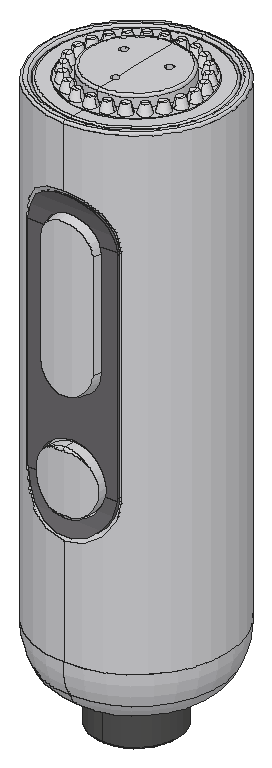
Revit family "Shower-Handshower-KOHLER-WAND-K-26288IN_1", category Plumbing Fixtures, host Face, Revit 2017
Family settings
  Host = Face
  Round Connector Dimension = Use Diameter
  Part Type = Normal
  OmniClass Number = 23.31.17.00
  OmniClass Title = Showers
  Cut with Voids When Loaded = No
  Shared = No
  Room Calculation Point = No
Parameters (values of type "2.5 GPM, CP-Polished Chrome")
  Width = 1 77/128"  # constant formula
  WaterSense Certified = 1 = 0  # no
  Waste Water Outlet = "Waste Water Outlet"  # constant formula
  Waste Connection = 1 = 0  # no
  Vent Connection = 1 = 0  # no
  URL = "https://www.kohler.co.in/"
  Type = 5
  Tempered Water Inlet = "Tempered Water Inlet"  # constant formula
  Product Page URL = ""
  Product Name = "WAND"  # constant formula
  Product Documentation Link = ""
  Pressure = 80.00 psi  # constant formula
  Panel Thickness = 0"
  Model = if(Type = 1, "K-26288IN-AF", if(Type = 2, "K-26288IN-BL", if(Type = 3, "K-26288IN-BN", if(Type = 4, "K-26288IN-BV", if(Type = 5, "K-26288IN-CP", if(Type = 6, "K-26288IN-RGD", "NA"))))))  # "K-26288IN-CP"
  Material = "Plastic"  # constant formula
  Master Format 2014 Name = "Residential Showers"  # constant formula
  Master Format 2014 = "22 42 23"  # constant formula
  Manufacturer Address = "Ambience Office Tower NH-8 Gurgaon / Gurugram Haryana , 122001"  # constant formula
  Manufacturer = "KOHLER Co."  # constant formula
  Length = 1 77/128"  # constant formula
  Hot Water Inlet = "Hot Water Inlet"  # constant formula
  Height = 5 49/256"  # constant formula
  HW Connection = 1 = 1  # yes
  Flow Rate = 2.5 GPM  # constant formula
  Finish = KOHLER-Plastic-CP-Polished_Chrome
  Environmental Product Declaration = ""
  Drain Included = 1 = 0  # no
  Description = "SWEEP HANDSHOWER HIGH FLOW"  # constant formula
  Default Elevation = 0"
  Declare Label = ""
  Date Modified = "03/08/2021"  # constant formula
  Date Created = "03/08/2021"  # constant formula
  Copyright = "Copyright KOHLER Co."  # constant formula
  Contact Us = "https://www.kohler.co.in/contact-us"
  Cold Water Inlet = "Cold Water Inlet"  # constant formula
  CW Connection = 1 = 0  # no
  Assembly Code = "D2010700"
  ADA Compliant = 1 = 0  # no
Types (7): name | Type | Model | Finish
  (no name) | 5 | "K-26288IN-CP" | KOHLER-Plastic-CP-Polished_Chrome
  2.5 GPM, CP-Polished Chrome | 5 | "K-26288IN-CP" | KOHLER-Plastic-CP-Polished_Chrome
  2.5 GPM, BL-Matte Black | 2 | "K-26288IN-BL" | Kohler-Plastic-BL-Matte_Black
  2.5 GPM, BN-Vibrant Brushed Nickel | 3 | "K-26288IN-BN" | KOHLER-Plastic-BN-Vibrant_Brushed_Nickel
  2.5 GPM, BV-Brushed Bronze | 4 | "K-26288IN-BV" | Kohler-Plastic-BV-Brushed_Bronze
  2.5 GPM, AF-Vibrant French Gold | 1 | "K-26288IN-AF" | KOHLER-Plastic-AF-Vibrant_French_Gold
  2.5 GPM, RGD-Polished Rose Gold | 6 | "K-26288IN-RGD" | KOHLER-Plastic-RGD-Polished_Rose_Gold
Reference planes (in)
  plane 1 "Center (Front/Back)": y = 0
  plane 2: z = 0
  plane 3 "Center (Left/Right)": x = 0
  plane 4: y = 0.8
  plane 5: y = -0.80156
  plane 6: y = 0.50081
  plane 7: x = 0.8
  plane 8: z = 5.19141
  plane 9: x = 0.8
  plane 10: y = -0.50081
  plane 11: x = -0.80156
Dimensions and locks (in)
  "Length": plane 4 to plane 5
  "Height": plane 8 to level
  "Width": plane 11 to plane 9
  aligned and locked: plane 2 to host face
  aligned and locked: level to host face
Automatic sketch dimensions
  host sketch curve to host sketch curve = 96"  (x2)
Nested families (in)
  nested 1: "K-26288IN" at (0, 0, 0), type "K-26288IN"
Connectors (in)
  piping at (0, 0, 0.03507), diameter 0.5, driven by "Flow Rate", driven by "Pressure", driven by "HW Connection", driven by "Tempered Water Inlet"
    settings: on nested 1, index 1, connector inside diameter 24", connector length 0", flow factor 0, pipe flow 2.5 GPM, pressure drop 80.00 psi, fitting loss kfactor 0, connector angle 0.00°, fixture units 0, engagement length 0", angle of deflection 0.00°, flow configuration 1, flow direction 1, fitting loss method 4, system type 19, joint type 0, gender type 0, connector reference index -1, connector utility 1, adjustable connector no, is connector primary yes, connector description "Tempered Water Inlet"
Definition of nested family "K-26288IN"
  Parameters (values of type "K-26288IN")
    Material = none
  Reference planes (in)
    plane 1 "Center (Front/Back)": y = 0
    plane 2: z = 0
    plane 3 "Center (Left/Right)": x = 0
    plane 4: x = 0.8
    plane 5: x = -0.8
    plane 6: z = 5.19
    plane 7: y = -0.8
    plane 8: y = 0.8
    plane 9: y = 0.50081
  Forms (in)
    Revolve 1, solid, material <- "Material", detail levels medium+fine
      sketch origin (0, 0, 0) x (0, 1, 0) y (0, 0, 1)
        loop
          line (0.8, 0.83787) -> (0.8, 5.08026)
          arc (0.8, 5.08026) -> (0.79422, 5.09422) -> (0.78026, 5.1) r 0.01974
          line (0.78026, 5.1) -> (0.74459, 5.1)
          arc (0.74459, 5.1) -> (0.72943, 5.09367) -> (0.72327, 5.07844) r 0.02132
          line (0.72327, 5.07844) -> (0.72436, 4.97986) -> (0.71661, 5.07201)
          arc (0.71661, 5.07201) -> (0.70968, 5.08615) -> (0.695, 5.09187) r 0.02169
          line (0.695, 5.09187) -> (0.58693, 5.09187) -> (0.58693, 5.04311) -> (0.57833, 5.09187) -> (0.42273, 5.09187) -> (0.42273, 5.16941)
          arc (0.42273, 5.16941) -> (0.4167, 5.18397) -> (0.40214, 5.19) r 0.02059
          line (0.40214, 5.19) -> (0, 5.19) -> (0, 0.34949) -> (0.41587, 0.34949)
          arc (0.41587, 0.34949) -> (0.60225, 0.40279) -> (0.73228, 0.54655) r 0.35256
          arc (0.73228, 0.54655) -> (0.78285, 0.68833) -> (0.8, 0.83787) r 0.66051
        axis (0, 5.19) -> (0, 0.34949)
      angle from 0 to 360
    Extrusion 2, void
      sketch origin (0, 0, 0) x (0, 1, 0) y (0, 0, 1)
        loop
          arc (-0.68057, 4.15) -> (-0.77954, 4.51638) -> (-1.04954, 4.78309) r 0.72762
          line (-1.04954, 4.78309) -> (-1.04954, 1.55883)
          arc (-1.04954, 1.55883) -> (-0.77951, 1.82633) -> (-0.68057, 2.19331) r 0.73
          line (-0.68057, 2.19331) -> (-0.68057, 4.15)
      from -1.01697 to 1.36659
    Sweep 3, solid, material <- "Material", detail levels medium+fine
      path origin (0, 0, 0) x (1, 0, 0) y (0, 0, 1)
        loop
          line (-0.22418, 4.088) -> (-0.22418, 3.15406)
          arc (-0.22418, 3.15406) -> (-0.0001, 2.92998) -> (0.22398, 3.15406) r 0.22408
          line (0.22398, 3.15406) -> (0.22398, 4.088)
          arc (0.22398, 4.088) -> (-0.0001, 4.31208) -> (-0.22418, 4.088) r 0.22408
      profile origin (-0.0001, 0, 2.92998) x (0, 0, 1) y (0, -1, 0)
        loop
          arc (-0.0257, 0.66438) -> (-0.0355, 0.58521) -> (-0.03158, 0.50554) r 0.4633
          line (-0.03158, 0.50554) -> (0.06852, 0.50554) -> (0.06852, 0.80581) -> (0.00436, 0.80581) -> (-0.0257, 0.66438)
    Revolve 4, solid, material <- "Material", detail levels medium+fine
      sketch origin (0, 0, 0) x (0, 1, 0) y (0, 0, 1)
        loop
          line (-0.58046, 2.24567) -> (-0.58046, 2.52117) -> (-0.77816, 2.52117)
          arc (-0.77816, 2.52117) -> (-0.7936, 2.51477) -> (-0.8, 2.49933) r 0.02184
          line (-0.8, 2.49933) -> (-0.8, 2.24567) -> (-0.58046, 2.24567)
        axis (-0.8, 2.24567) -> (-0.58046, 2.24567)
      angle from 0 to 360
    Extrusion 5, void
      sketch origin (0, 0, 0) x (1, 0, 0) y (0, 1, 0)
        loop
          line (-0.36241, -0.71321) -> (-0.36241, -0.94042) -> (0.38759, -0.94042) -> (0.38759, -0.69984)
          arc (0.38759, -0.69984) -> (0.01426, -0.79987) -> (-0.36241, -0.71321) r 0.8
      from 1.71068 to 4.43704
    Extrusion 6, solid, material <- "Material", detail levels medium+fine
      sketch origin (0, 0, 0) x (1, 0, 0) y (0, 0, 1)
        loop
          arc (0.15546, 4.088) -> (-0.0001, 4.24357) -> (-0.15566, 4.088) r 0.15556
          line (-0.15566, 4.088) -> (-0.15566, 3.15406)
          arc (-0.15566, 3.15406) -> (-0.0001, 2.9985) -> (0.15546, 3.15406) r 0.15556
          line (0.15546, 3.15406) -> (0.15546, 4.088)
      from 0.50554 to 0.80581
    Revolve 7, solid, detail levels medium+fine
      sketch origin (0, 0.50081, 48) x (-1, 0, 0) y (0, 0, 1)
        loop
          line (0, -42.82714) -> (0, -42.90429) -> (0.05512, -42.90429) -> (0.03363, -42.82714) -> (0, -42.82714)
        axis (0, -42.82714) -> (0, -42.90429)
      angle from 0 to 360
    Revolve 8, solid, detail levels medium+fine
      sketch origin (0.13352, 0.48374, 48) x (-0.965926, 0.258819, 0) y (0, 0, 1)
        loop
          line (0, -42.82714) -> (0, -42.90429) -> (0.05512, -42.90429) -> (0.03363, -42.82714) -> (0, -42.82714)
        axis (0, -42.82714) -> (0, -42.90429)
      angle from 0 to 360
    Revolve 9, solid, detail levels medium+fine
      sketch origin (0.25431, 0.43371, 48) x (-0.866025, 0.5, 0) y (0, 0, 1)
        loop
          line (0, -42.82714) -> (0, -42.90429) -> (0.05512, -42.90429) -> (0.03363, -42.82714) -> (0, -42.82714)
        axis (0, -42.82714) -> (0, -42.90429)
      angle from 0 to 360
    Revolve 10, solid, detail levels medium+fine
      sketch origin (0.36194, 0.35412, 48) x (-0.707107, 0.707107, 0) y (0, 0, 1)
        loop
          line (0, -42.82714) -> (0, -42.90429) -> (0.05512, -42.90429) -> (0.03363, -42.82714) -> (0, -42.82714)
        axis (0, -42.82714) -> (0, -42.90429)
      angle from 0 to 360
    Revolve 11, solid, detail levels medium+fine
      sketch origin (0.44152, 0.2504, 48) x (-0.5, 0.866025, 0) y (0, 0, 1)
        loop
          line (0, -42.82714) -> (0, -42.90429) -> (0.05512, -42.90429) -> (0.03363, -42.82714) -> (0, -42.82714)
        axis (0, -42.82714) -> (0, -42.90429)
      angle from 0 to 360
    Revolve 12, solid, detail levels medium+fine
      sketch origin (0.49546, 0.12962, 48) x (-0.258819, 0.965926, 0) y (0, 0, 1)
        loop
          line (0, -42.82714) -> (0, -42.90429) -> (0.05512, -42.90429) -> (0.03363, -42.82714) -> (0, -42.82714)
        axis (0, -42.82714) -> (0, -42.90429)
      angle from 0 to 360
    Revolve 13, solid, detail levels medium+fine
      sketch origin (0.51253, 0, 48) x (0, 1, 0) y (0, 0, 1)
        loop
          line (0, -42.82714) -> (0, -42.90429) -> (0.05512, -42.90429) -> (0.03363, -42.82714) -> (0, -42.82714)
        axis (0, -42.82714) -> (0, -42.90429)
      angle from 0 to 360
    Revolve 14, solid, detail levels medium+fine
      sketch origin (-0.13352, 0.48374, 48) x (0.965926, 0.258819, 0) y (0, 0, -1)
        loop
          line (0, 42.82714) -> (0.03363, 42.82714) -> (0.05512, 42.90429) -> (0, 42.90429) -> (0, 42.82714)
        axis (0, 42.82714) -> (0, 42.90429)
      angle from 0 to 360
    Revolve 15, solid, detail levels medium+fine
      sketch origin (-0.25431, 0.43371, 48) x (0.866025, 0.5, 0) y (0, 0, -1)
        loop
          line (0, 42.82714) -> (0.03363, 42.82714) -> (0.05512, 42.90429) -> (0, 42.90429) -> (0, 42.82714)
        axis (0, 42.82714) -> (0, 42.90429)
      angle from 0 to 360
    Revolve 16, solid, detail levels medium+fine
      sketch origin (-0.36194, 0.35412, 48) x (0.707107, 0.707107, 0) y (0, 0, -1)
        loop
          line (0, 42.82714) -> (0.03363, 42.82714) -> (0.05512, 42.90429) -> (0, 42.90429) -> (0, 42.82714)
        axis (0, 42.82714) -> (0, 42.90429)
      angle from 0 to 360
    Revolve 17, solid, detail levels medium+fine
      sketch origin (-0.44152, 0.2504, 48) x (0.5, 0.866025, 0) y (0, 0, -1)
        loop
          line (0, 42.82714) -> (0.03363, 42.82714) -> (0.05512, 42.90429) -> (0, 42.90429) -> (0, 42.82714)
        axis (0, 42.82714) -> (0, 42.90429)
      angle from 0 to 360
    Revolve 18, solid, detail levels medium+fine
      sketch origin (-0.49546, 0.12962, 48) x (0.258819, 0.965926, 0) y (0, 0, -1)
        loop
          line (0, 42.82714) -> (0.03363, 42.82714) -> (0.05512, 42.90429) -> (0, 42.90429) -> (0, 42.82714)
        axis (0, 42.82714) -> (0, 42.90429)
      angle from 0 to 360
    Revolve 19, solid, detail levels medium+fine
      sketch origin (0, -0.50081, 48) x (-1, 0, 0) y (0, 0, -1)
        loop
          line (0, 42.82714) -> (0.03363, 42.82714) -> (0.05512, 42.90429) -> (0, 42.90429) -> (0, 42.82714)
        axis (0, 42.82714) -> (0, 42.90429)
      angle from 0 to 360
    Revolve 20, solid, detail levels medium+fine
      sketch origin (0.13352, -0.48374, 48) x (-0.965926, -0.258819, 0) y (0, 0, -1)
        loop
          line (0, 42.82714) -> (0.03363, 42.82714) -> (0.05512, 42.90429) -> (0, 42.90429) -> (0, 42.82714)
        axis (0, 42.82714) -> (0, 42.90429)
      angle from 0 to 360
    Revolve 21, solid, detail levels medium+fine
      sketch origin (0.25431, -0.43371, 48) x (-0.866025, -0.5, 0) y (0, 0, -1)
        loop
          line (0, 42.82714) -> (0.03363, 42.82714) -> (0.05512, 42.90429) -> (0, 42.90429) -> (0, 42.82714)
        axis (0, 42.82714) -> (0, 42.90429)
      angle from 0 to 360
    Revolve 22, solid, detail levels medium+fine
      sketch origin (0.36194, -0.35412, 48) x (-0.707107, -0.707107, 0) y (0, 0, -1)
        loop
          line (0, 42.82714) -> (0.03363, 42.82714) -> (0.05512, 42.90429) -> (0, 42.90429) -> (0, 42.82714)
        axis (0, 42.82714) -> (0, 42.90429)
      angle from 0 to 360
    Revolve 23, solid, detail levels medium+fine
      sketch origin (0.44152, -0.2504, 48) x (-0.5, -0.866025, 0) y (0, 0, -1)
        loop
          line (0, 42.82714) -> (0.03363, 42.82714) -> (0.05512, 42.90429) -> (0, 42.90429) -> (0, 42.82714)
        axis (0, 42.82714) -> (0, 42.90429)
      angle from 0 to 360
    Revolve 24, solid, detail levels medium+fine
      sketch origin (0.49546, -0.12962, 48) x (-0.258819, -0.965926, 0) y (0, 0, -1)
        loop
          line (0, 42.82714) -> (0.03363, 42.82714) -> (0.05512, 42.90429) -> (0, 42.90429) -> (0, 42.82714)
        axis (0, 42.82714) -> (0, 42.90429)
      angle from 0 to 360
    Revolve 25, solid, detail levels medium+fine
      sketch origin (-0.13352, -0.48374, 48) x (0.965926, -0.258819, 0) y (0, 0, 1)
        loop
          line (0, -42.82714) -> (0, -42.90429) -> (0.05512, -42.90429) -> (0.03363, -42.82714) -> (0, -42.82714)
        axis (0, -42.82714) -> (0, -42.90429)
      angle from 0 to 360
    Revolve 26, solid, detail levels medium+fine
      sketch origin (-0.25431, -0.43371, 48) x (0.866025, -0.5, 0) y (0, 0, 1)
        loop
          line (0, -42.82714) -> (0, -42.90429) -> (0.05512, -42.90429) -> (0.03363, -42.82714) -> (0, -42.82714)
        axis (0, -42.82714) -> (0, -42.90429)
      angle from 0 to 360
    Revolve 27, solid, detail levels medium+fine
      sketch origin (-0.36194, -0.35412, 48) x (0.707107, -0.707107, 0) y (0, 0, 1)
        loop
          line (0, -42.82714) -> (0, -42.90429) -> (0.05512, -42.90429) -> (0.03363, -42.82714) -> (0, -42.82714)
        axis (0, -42.82714) -> (0, -42.90429)
      angle from 0 to 360
    Revolve 28, solid, detail levels medium+fine
      sketch origin (-0.44152, -0.2504, 48) x (0.5, -0.866025, 0) y (0, 0, 1)
        loop
          line (0, -42.82714) -> (0, -42.90429) -> (0.05512, -42.90429) -> (0.03363, -42.82714) -> (0, -42.82714)
        axis (0, -42.82714) -> (0, -42.90429)
      angle from 0 to 360
    Revolve 29, solid, detail levels medium+fine
      sketch origin (-0.49546, -0.12962, 48) x (0.258819, -0.965926, 0) y (0, 0, 1)
        loop
          line (0, -42.82714) -> (0, -42.90429) -> (0.05512, -42.90429) -> (0.03363, -42.82714) -> (0, -42.82714)
        axis (0, -42.82714) -> (0, -42.90429)
      angle from 0 to 360
    Revolve 30, solid, detail levels medium+fine
      sketch origin (-0.51253, 0, 48) x (0, 1, 0) y (0, 0, -1)
        loop
          line (0, 42.82714) -> (0.03363, 42.82714) -> (0.05512, 42.90429) -> (0, 42.90429) -> (0, 42.82714)
        axis (0, 42.82714) -> (0, 42.90429)
      angle from 0 to 360
    Extrusion 31, void
      sketch origin (0, 0, 0) x (1, 0, 0) y (0, 1, 0)
        loop
          circle (-0.20018, 0.11492) r 0.0339
        loop
          circle (0.20018, 0.11492) r 0.0339
        loop
          circle (0, -0.22868) r 0.03397
      from 5.05666 to 5.26513
    Revolve 32, solid, material <- "Material", detail levels coarse
      sketch origin (0, 0, 0) x (1, 0, 0) y (0, 0, 1)
        loop
          line (-0.8, 5.10307) -> (-0.8, 0.70121)
          arc (-0.8, 0.70121) -> (-0.67768, 0.42159) -> (-0.38932, 0.32163) r 0.38076
          line (-0.38932, 0.32163) -> (-0.38932, 0) -> (0, 0) -> (0, 5.1937) -> (-0.43816, 5.1937) -> (-0.43816, 5.10307) -> (-0.8, 5.10307)
        axis (0, 5.1937) -> (0, 0)
      angle from 0 to 360
    Extrusion 33, solid, detail levels medium+fine
      sketch origin (0, 0, 0) x (1, 0, 0) y (0, 0, 1)
        loop
          line (-0.39313, 4.13065) -> (-0.39313, 2.21488)
          arc (-0.39313, 2.21488) -> (0, 1.82175) -> (0.39313, 2.21488) r 0.39313
          line (0.39313, 2.21488) -> (0.39313, 4.13065)
          arc (0.39313, 4.13065) -> (0, 4.52378) -> (-0.39313, 4.13065) r 0.39313
        loop
          line (-0.24874, 4.0813) -> (-0.24874, 3.1573)
          arc (-0.24874, 3.1573) -> (0, 2.90856) -> (0.24874, 3.1573) r 0.24874
          line (0.24874, 3.1573) -> (0.24874, 4.0813)
          arc (0.24874, 4.0813) -> (0, 4.33004) -> (-0.24874, 4.0813) r 0.24874
        loop
          circle (0, 2.24567) r 0.29422
      from 0.58046 to 0.96725
    Revolve 34, solid, detail levels medium+fine
      sketch origin (0, 0, 0) x (0, 1, 0) y (0, 0, 1)
        loop
          line (0.30357, 0) -> (0.34288, 0) -> (0.36653, 0.01985) -> (0.36653, 0.34949) -> (0, 0.34949) -> (0, 0.03507) -> (0.30357, 0.03507) -> (0.30357, 0)
        axis (0, 0.34949) -> (0, 0)
      angle from 0 to 360
    Extrusion 35, void
      sketch origin (0, 0.01562, 0) x (0, 1, 0) y (0, 0, 1)
        loop
          arc (-0.71182, 4.15) -> (-0.81079, 4.51638) -> (-1.08079, 4.78309) r 0.72762
          line (-1.08079, 4.78309) -> (-1.08079, 1.55883)
          arc (-1.08079, 1.55883) -> (-0.81076, 1.82633) -> (-0.71182, 2.19331) r 0.73
          line (-0.71182, 2.19331) -> (-0.71182, 4.15)
      from -1 to 1
  Cuts and joins
    Extrusion 2, Extrusion 31 cuts Revolve 1
    Extrusion 5 cuts Sweep 3
    Extrusion 5 cuts Revolve 4
    Extrusion 5 cuts Extrusion 6
    joined: Sweep 3, Revolve 4, Extrusion 6
    joined: Revolve 7, Revolve 8, Revolve 9, Revolve 10, Revolve 11, Revolve 12, Revolve 13, Revolve 14, Revolve 15, Revolve 16, Revolve 17, Revolve 18, Revolve 19, Revolve 20, Revolve 21, Revolve 22, Revolve 23, Revolve 24, Revolve 25, Revolve 26, Revolve 27, Revolve 28, Revolve 29, Revolve 30
    Extrusion 35 cuts Extrusion 33
  Lines and regions (in)
    Masking region 1
      outline origin (0, 0.49495, 48) x (-1, 0, 0) y (0, 0, 1)
        loop
          line (0.36653, -47.78305) -> (0.36653, -47.75013) -> (0.42388, -47.71702) -> (0.36653, -47.6839) -> (0.36653, -47.65051) -> (0.41323, -47.65051)
          arc (0.41323, -47.65051) -> (0.61138, -47.5907) -> (0.74335, -47.43125) r 0.35814
          arc (0.74335, -47.43125) -> (0.7857, -47.29371) -> (0.8, -47.15051) r 0.72396
          line (0.8, -47.15051) -> (0.8, -42.92121)
          arc (0.8, -42.92121) -> (0.79376, -42.90616) -> (0.7787, -42.89992) r 0.0213
          line (0.7787, -42.89992) -> (0.56651, -42.89992) -> (0.54615, -42.82714) -> (0.42471, -42.82714)
          arc (0.42471, -42.82714) -> (0.41568, -42.81474) -> (0.40108, -42.81) r 0.02486
          line (0.40108, -42.81) -> (-0.40108, -42.81)
          arc (-0.40108, -42.81) -> (-0.41568, -42.81474) -> (-0.42471, -42.82714) r 0.02486
          line (-0.42471, -42.82714) -> (-0.54615, -42.82714) -> (-0.56651, -42.89992) -> (-0.7787, -42.89992)
          arc (-0.7787, -42.89992) -> (-0.79376, -42.90616) -> (-0.8, -42.92121) r 0.0213
          line (-0.8, -42.92121) -> (-0.8, -47.15051)
          arc (-0.8, -47.15051) -> (-0.7857, -47.29371) -> (-0.74335, -47.43125) r 0.72396
          arc (-0.74335, -47.43125) -> (-0.61138, -47.5907) -> (-0.41323, -47.65051) r 0.35814
          line (-0.41323, -47.65051) -> (-0.36653, -47.65051) -> (-0.36653, -47.6839) -> (-0.42388, -47.71702) -> (-0.36653, -47.75013) -> (-0.36653, -47.78305) -> (-0.42388, -47.81616) -> (-0.36653, -47.84928) -> (-0.36653, -47.88038) -> (-0.42388, -47.91349) -> (-0.36653, -47.94661) -> (-0.36653, -47.98015) -> (-0.34288, -48) -> (0.34288, -48) -> (0.36653, -47.98015) -> (0.36653, -47.94661) -> (0.42388, -47.91349) -> (0.36653, -47.88038) -> (0.36653, -47.84928) -> (0.42388, -47.81616) -> (0.36653, -47.78305)
    Masking region 2
      outline origin (0, 0, 0) x (0, 1, 0) y (0, 0, 1)
        loop
          line (0.36653, 0.01985) -> (0.36653, 0.06572) -> (0.41419, 0.09324) -> (0.36653, 0.1266) -> (0.36653, 0.16111) -> (0.41419, 0.18862) -> (0.36653, 0.22199) -> (0.36653, 0.25601) -> (0.41419, 0.28352) -> (0.36653, 0.31689) -> (0.36653, 0.34949) -> (0.42345, 0.34949)
          arc (0.42345, 0.34949) -> (0.5902, 0.39358) -> (0.71337, 0.51433) r 0.33737
          arc (0.71337, 0.51433) -> (0.77795, 0.66597) -> (0.8, 0.82931) r 0.6159
          line (0.8, 0.82931) -> (0.8, 5.07931)
          arc (0.8, 5.07931) -> (0.79394, 5.09393) -> (0.77932, 5.09998) r 0.02068
          line (0.77932, 5.09998) -> (0.55481, 5.09998) -> (0.53443, 5.17286) -> (0.42531, 5.17286)
          arc (0.42531, 5.17286) -> (0.4162, 5.18527) -> (0.40156, 5.19) r 0.02502
          line (0.40156, 5.19) -> (-0.40156, 5.19)
          arc (-0.40156, 5.19) -> (-0.4162, 5.18527) -> (-0.42531, 5.17286) r 0.02502
          line (-0.42531, 5.17286) -> (-0.53443, 5.17286) -> (-0.55481, 5.09998) -> (-0.77932, 5.09998)
          arc (-0.77932, 5.09998) -> (-0.79394, 5.09393) -> (-0.8, 5.07931) r 0.02068
          line (-0.8, 5.07931) -> (-0.8, 4.54943)
          arc (-0.8, 4.54943) -> (-0.74246, 4.44367) -> (-0.70315, 4.32986) r 0.72762
          line (-0.70315, 4.32986) -> (-0.8, 4.30928) -> (-0.8, 2.93385) -> (-0.68057, 2.90775) -> (-0.68057, 2.52129) -> (-0.77829, 2.52129)
          arc (-0.77829, 2.52129) -> (-0.79361, 2.51495) -> (-0.79995, 2.49963) r 0.02166
          line (-0.79995, 2.49963) -> (-0.79995, 1.991)
          arc (-0.79995, 1.991) -> (-0.79379, 1.97613) -> (-0.77892, 1.96997) r 0.02103
          line (-0.77892, 1.96997) -> (-0.71557, 1.96997)
          arc (-0.71557, 1.96997) -> (-0.75183, 1.87873) -> (-0.8, 1.79317) r 0.73
          line (-0.8, 1.79317) -> (-0.8, 0.82931)
          arc (-0.8, 0.82931) -> (-0.77795, 0.66597) -> (-0.71337, 0.51433) r 0.6159
          arc (-0.71337, 0.51433) -> (-0.5902, 0.39358) -> (-0.42345, 0.34949) r 0.33737
          line (-0.42345, 0.34949) -> (-0.36653, 0.34949) -> (-0.36653, 0.31689) -> (-0.41419, 0.28352) -> (-0.36653, 0.25601) -> (-0.36653, 0.22199) -> (-0.41419, 0.18862) -> (-0.36653, 0.16111) -> (-0.36653, 0.1266) -> (-0.41419, 0.09324) -> (-0.36653, 0.06572) -> (-0.36653, 0.01985) -> (-0.34288, 0) -> (0.34288, 0) -> (0.36653, 0.01985)
    Masking region 3
      outline origin (0, 0, 0) x (1, 0, 0) y (0, 1, 0)
        loop
          circle (0, 0) r 0.8
    symbolic lines, detail levels medium+fine
      curve 1: circle (0, 0, 0) r 0.79164 normal (0, 0, 1)
      curve 2: circle (0, 0, 0) r 0.7431 normal (0, 0, 1)
      curve 3: circle (0, 0, 0) r 0.72436 normal (0, 0, -1)
      curve 4: circle (0, 0, 0) r 0.58693 normal (0, 0, 1)
      curve 5: circle (0, 0, 0) r 0.57833 normal (0, 0, -1)
      curve 6: circle (0, 0, 0) r 0.42273 normal (0, 0, 1)
      curve 7: circle (-0.20018, 0.11492, 0) r 0.0339 normal (0, 0, 1)
      curve 8: circle (0.20018, 0.11492, 0) r 0.0339 normal (0, 0, 1)
      curve 9: circle (0, -0.22868, 0) r 0.03397 normal (0, 0, 1)
      curve 10: arc (0.03363, 0.50081, 0) -> (0, 0.53443, 0) -> (-0.03363, 0.50081, 0) r 0.03363
      curve 11: arc (-0.03363, 0.50081, 0) -> (0, 0.46718, 0) -> (0.03363, 0.50081, 0) r 0.03363
      curve 12: arc (0.05512, 0.50081, 0) -> (0, 0.44569, 0) -> (-0.05512, 0.50081, 0) r 0.05512
      curve 13: arc (-0.05512, 0.50081, 0) -> (0, 0.55593, 0) -> (0.05512, 0.50081, 0) r 0.05512
      curve 14: arc (0.08028, 0.49801, 0) -> (0.14779, 0.53699, 0) -> (0.18677, 0.46948, 0) r 0.05512
      curve 15: arc (0.18677, 0.46948, 0) -> (0.11926, 0.4305, 0) -> (0.08028, 0.49801, 0) r 0.05512
      curve 16: arc (0.166, 0.47504, 0) -> (0.14223, 0.51622, 0) -> (0.10104, 0.49245, 0) r 0.03363
      curve 17: arc (0.10104, 0.49245, 0) -> (0.12482, 0.45126, 0) -> (0.166, 0.47504, 0) r 0.03363
      curve 18: arc (0.20657, 0.46127, 0) -> (0.28187, 0.48145, 0) -> (0.30205, 0.40615, 0) r 0.05512
      curve 19: arc (0.30205, 0.40615, 0) -> (0.22675, 0.38598, 0) -> (0.20657, 0.46127, 0) r 0.05512
      curve 20: arc (0.28343, 0.4169, 0) -> (0.27112, 0.46283, 0) -> (0.22519, 0.45052, 0) r 0.03363
      curve 21: arc (0.22519, 0.45052, 0) -> (0.2375, 0.40459, 0) -> (0.28343, 0.4169, 0) r 0.03363
      curve 22: arc (0.38571, 0.33035, 0) -> (0.38571, 0.3779, 0) -> (0.33816, 0.3779, 0) r 0.03363
      curve 23: arc (0.33816, 0.3779, 0) -> (0.33816, 0.33035, 0) -> (0.38571, 0.33035, 0) r 0.03363
      curve 24: arc (0.40091, 0.31515, 0) -> (0.32296, 0.31515, 0) -> (0.32296, 0.3931, 0) r 0.05512
      curve 25: arc (0.32296, 0.3931, 0) -> (0.40091, 0.3931, 0) -> (0.40091, 0.31515, 0) r 0.05512
      curve 26: arc (0.41396, 0.29814, 0) -> (0.48926, 0.27796, 0) -> (0.46909, 0.20267, 0) r 0.05512
      curve 27: arc (0.46909, 0.20267, 0) -> (0.39379, 0.22284, 0) -> (0.41396, 0.29814, 0) r 0.05512
      curve 28: arc (0.42471, 0.27952, 0) -> (0.4124, 0.23359, 0) -> (0.45834, 0.22128, 0) r 0.03363
      curve 29: arc (0.45834, 0.22128, 0) -> (0.47064, 0.26722, 0) -> (0.42471, 0.27952, 0) r 0.03363
      curve 30: arc (0.50416, 0.09714, 0) -> (0.52794, 0.13832, 0) -> (0.48676, 0.1621, 0) r 0.03363
      curve 31: arc (0.48676, 0.1621, 0) -> (0.46298, 0.12092, 0) -> (0.50416, 0.09714, 0) r 0.03363
      curve 32: arc (0.48119, 0.18286, 0) -> (0.5487, 0.14389, 0) -> (0.50973, 0.07637, 0) r 0.05512
      curve 33: arc (0.50973, 0.07637, 0) -> (0.44222, 0.11535, 0) -> (0.48119, 0.18286, 0) r 0.05512
      curve 34: arc (-0.08028, 0.49801, 0) -> (-0.14779, 0.53699, 0) -> (-0.18677, 0.46948, 0) r 0.05512
      curve 35: arc (-0.18677, 0.46948, 0) -> (-0.11926, 0.4305, 0) -> (-0.08028, 0.49801, 0) r 0.05512
      curve 36: arc (-0.166, 0.47504, 0) -> (-0.14223, 0.51622, 0) -> (-0.10104, 0.49245, 0) r 0.03363
      curve 37: arc (-0.10104, 0.49245, 0) -> (-0.12482, 0.45126, 0) -> (-0.166, 0.47504, 0) r 0.03363
      curve 38: arc (-0.20657, 0.46127, 0) -> (-0.28187, 0.48145, 0) -> (-0.30205, 0.40615, 0) r 0.05512
      curve 39: arc (-0.30205, 0.40615, 0) -> (-0.22675, 0.38598, 0) -> (-0.20657, 0.46127, 0) r 0.05512
      curve 40: arc (-0.28343, 0.4169, 0) -> (-0.27112, 0.46283, 0) -> (-0.22519, 0.45052, 0) r 0.03363
      curve 41: arc (-0.22519, 0.45052, 0) -> (-0.2375, 0.40459, 0) -> (-0.28343, 0.4169, 0) r 0.03363
      curve 42: arc (-0.38571, 0.33035, 0) -> (-0.38571, 0.3779, 0) -> (-0.33816, 0.3779, 0) r 0.03363
      curve 43: arc (-0.33816, 0.3779, 0) -> (-0.33816, 0.33035, 0) -> (-0.38571, 0.33035, 0) r 0.03363
      curve 44: arc (-0.40091, 0.31515, 0) -> (-0.32296, 0.31515, 0) -> (-0.32296, 0.3931, 0) r 0.05512
      curve 45: arc (-0.32296, 0.3931, 0) -> (-0.40091, 0.3931, 0) -> (-0.40091, 0.31515, 0) r 0.05512
      curve 46: arc (-0.41396, 0.29814, 0) -> (-0.48926, 0.27796, 0) -> (-0.46909, 0.20267, 0) r 0.05512
      curve 47: arc (-0.46909, 0.20267, 0) -> (-0.39379, 0.22284, 0) -> (-0.41396, 0.29814, 0) r 0.05512
      curve 48: arc (-0.42471, 0.27952, 0) -> (-0.4124, 0.23359, 0) -> (-0.45834, 0.22128, 0) r 0.03363
      curve 49: arc (-0.45834, 0.22128, 0) -> (-0.47064, 0.26722, 0) -> (-0.42471, 0.27952, 0) r 0.03363
      curve 50: arc (-0.50416, 0.09714, 0) -> (-0.52794, 0.13832, 0) -> (-0.48676, 0.1621, 0) r 0.03363
      curve 51: arc (-0.48676, 0.1621, 0) -> (-0.46298, 0.12092, 0) -> (-0.50416, 0.09714, 0) r 0.03363
      curve 52: arc (-0.48119, 0.18286, 0) -> (-0.5487, 0.14389, 0) -> (-0.50973, 0.07637, 0) r 0.05512
      curve 53: arc (-0.50973, 0.07637, 0) -> (-0.44222, 0.11535, 0) -> (-0.48119, 0.18286, 0) r 0.05512
      curve 54: arc (0.03363, -0.50081, 0) -> (0, -0.53443, 0) -> (-0.03363, -0.50081, 0) r 0.03363
      curve 55: arc (-0.03363, -0.50081, 0) -> (0, -0.46718, 0) -> (0.03363, -0.50081, 0) r 0.03363
      curve 56: arc (0.05512, -0.50081, 0) -> (0, -0.44569, 0) -> (-0.05512, -0.50081, 0) r 0.05512
      curve 57: arc (-0.05512, -0.50081, 0) -> (0, -0.55593, 0) -> (0.05512, -0.50081, 0) r 0.05512
      curve 58: arc (0.08028, -0.49801, 0) -> (0.14779, -0.53699, 0) -> (0.18677, -0.46948, 0) r 0.05512
      curve 59: arc (0.18677, -0.46948, 0) -> (0.11926, -0.4305, 0) -> (0.08028, -0.49801, 0) r 0.05512
      curve 60: arc (0.166, -0.47504, 0) -> (0.14223, -0.51622, 0) -> (0.10104, -0.49245, 0) r 0.03363
      curve 61: arc (0.10104, -0.49245, 0) -> (0.12482, -0.45126, 0) -> (0.166, -0.47504, 0) r 0.03363
      curve 62: arc (0.20657, -0.46127, 0) -> (0.28187, -0.48145, 0) -> (0.30205, -0.40615, 0) r 0.05512
      curve 63: arc (0.30205, -0.40615, 0) -> (0.22675, -0.38598, 0) -> (0.20657, -0.46127, 0) r 0.05512
      curve 64: arc (0.28343, -0.4169, 0) -> (0.27112, -0.46283, 0) -> (0.22519, -0.45052, 0) r 0.03363
      curve 65: arc (0.22519, -0.45052, 0) -> (0.2375, -0.40459, 0) -> (0.28343, -0.4169, 0) r 0.03363
      curve 66: arc (0.38571, -0.33035, 0) -> (0.38571, -0.3779, 0) -> (0.33816, -0.3779, 0) r 0.03363
      curve 67: arc (0.33816, -0.3779, 0) -> (0.33816, -0.33035, 0) -> (0.38571, -0.33035, 0) r 0.03363
      curve 68: arc (0.40091, -0.31515, 0) -> (0.32296, -0.31515, 0) -> (0.32296, -0.3931, 0) r 0.05512
      curve 69: arc (0.32296, -0.3931, 0) -> (0.40091, -0.3931, 0) -> (0.40091, -0.31515, 0) r 0.05512
      curve 70: arc (0.41396, -0.29814, 0) -> (0.48926, -0.27796, 0) -> (0.46909, -0.20267, 0) r 0.05512
      curve 71: arc (0.46909, -0.20267, 0) -> (0.39379, -0.22284, 0) -> (0.41396, -0.29814, 0) r 0.05512
      curve 72: arc (0.42471, -0.27952, 0) -> (0.4124, -0.23359, 0) -> (0.45834, -0.22128, 0) r 0.03363
      curve 73: arc (0.45834, -0.22128, 0) -> (0.47064, -0.26722, 0) -> (0.42471, -0.27952, 0) r 0.03363
      curve 74: arc (0.50416, -0.09714, 0) -> (0.52794, -0.13832, 0) -> (0.48676, -0.1621, 0) r 0.03363
      curve 75: arc (0.48676, -0.1621, 0) -> (0.46298, -0.12092, 0) -> (0.50416, -0.09714, 0) r 0.03363
      curve 76: arc (0.48119, -0.18286, 0) -> (0.5487, -0.14389, 0) -> (0.50973, -0.07637, 0) r 0.05512
      curve 77: arc (0.50973, -0.07637, 0) -> (0.44222, -0.11535, 0) -> (0.48119, -0.18286, 0) r 0.05512
      curve 78: arc (-0.08028, -0.49801, 0) -> (-0.14779, -0.53699, 0) -> (-0.18677, -0.46948, 0) r 0.05512
      curve 79: arc (-0.18677, -0.46948, 0) -> (-0.11926, -0.4305, 0) -> (-0.08028, -0.49801, 0) r 0.05512
      curve 80: arc (-0.166, -0.47504, 0) -> (-0.14223, -0.51622, 0) -> (-0.10104, -0.49245, 0) r 0.03363
      curve 81: arc (-0.10104, -0.49245, 0) -> (-0.12482, -0.45126, 0) -> (-0.166, -0.47504, 0) r 0.03363
      curve 82: arc (-0.20657, -0.46127, 0) -> (-0.28187, -0.48145, 0) -> (-0.30205, -0.40615, 0) r 0.05512
      curve 83: arc (-0.30205, -0.40615, 0) -> (-0.22675, -0.38598, 0) -> (-0.20657, -0.46127, 0) r 0.05512
      curve 84: arc (-0.28343, -0.4169, 0) -> (-0.27112, -0.46283, 0) -> (-0.22519, -0.45052, 0) r 0.03363
      curve 85: arc (-0.22519, -0.45052, 0) -> (-0.2375, -0.40459, 0) -> (-0.28343, -0.4169, 0) r 0.03363
      curve 86: arc (-0.38571, -0.33035, 0) -> (-0.38571, -0.3779, 0) -> (-0.33816, -0.3779, 0) r 0.03363
      curve 87: arc (-0.33816, -0.3779, 0) -> (-0.33816, -0.33035, 0) -> (-0.38571, -0.33035, 0) r 0.03363
      curve 88: arc (-0.40091, -0.31515, 0) -> (-0.32296, -0.31515, 0) -> (-0.32296, -0.3931, 0) r 0.05512
      curve 89: arc (-0.32296, -0.3931, 0) -> (-0.40091, -0.3931, 0) -> (-0.40091, -0.31515, 0) r 0.05512
      curve 90: arc (-0.41396, -0.29814, 0) -> (-0.48926, -0.27796, 0) -> (-0.46909, -0.20267, 0) r 0.05512
      curve 91: arc (-0.46909, -0.20267, 0) -> (-0.39379, -0.22284, 0) -> (-0.41396, -0.29814, 0) r 0.05512
      curve 92: arc (-0.42471, -0.27952, 0) -> (-0.4124, -0.23359, 0) -> (-0.45834, -0.22128, 0) r 0.03363
      curve 93: arc (-0.45834, -0.22128, 0) -> (-0.47064, -0.26722, 0) -> (-0.42471, -0.27952, 0) r 0.03363
      curve 94: arc (-0.50416, -0.09714, 0) -> (-0.52794, -0.13832, 0) -> (-0.48676, -0.1621, 0) r 0.03363
      curve 95: arc (-0.48676, -0.1621, 0) -> (-0.46298, -0.12092, 0) -> (-0.50416, -0.09714, 0) r 0.03363
      curve 96: arc (-0.48119, -0.18286, 0) -> (-0.5487, -0.14389, 0) -> (-0.50973, -0.07637, 0) r 0.05512
      curve 97: arc (-0.50973, -0.07637, 0) -> (-0.44222, -0.11535, 0) -> (-0.48119, -0.18286, 0) r 0.05512
      curve 98: arc (0.51253, -0.05512, 0) -> (0.4574, 0, 0) -> (0.51253, 0.05512, 0) r 0.05512
      curve 99: arc (0.51253, 0.03363, 0) -> (0.4789, 0, 0) -> (0.51253, -0.03363, 0) r 0.03363
      curve 100: arc (0.51253, -0.03363, 0) -> (0.54615, 0, 0) -> (0.51253, 0.03363, 0) r 0.03363
      curve 101: arc (0.51253, 0.05512, 0) -> (0.56765, 0, 0) -> (0.51253, -0.05512, 0) r 0.05512
      curve 102: arc (-0.51253, -0.05512, 0) -> (-0.56765, 0, 0) -> (-0.51253, 0.05512, 0) r 0.05512
      curve 103: arc (-0.51253, 0.03363, 0) -> (-0.54615, 0, 0) -> (-0.51253, -0.03363, 0) r 0.03363
      curve 104: arc (-0.51253, -0.03363, 0) -> (-0.4789, 0, 0) -> (-0.51253, 0.03363, 0) r 0.03363
      curve 105: arc (-0.51253, 0.05512, 0) -> (-0.4574, 0, 0) -> (-0.51253, -0.05512, 0) r 0.05512
      curve 106: arc (-0.05967, 0.7219, 0) -> (0, 0.6786, 0) -> (0.05967, 0.7219, 0) r 0.06277
      curve 107: arc (0.7219, 0.05967, 0) -> (0.6786, 0, 0) -> (0.7219, -0.05967, 0) r 0.06277
      curve 108: arc (-0.05967, -0.7219, 0) -> (0, -0.6786, 0) -> (0.05967, -0.7219, 0) r 0.06277
      curve 109: arc (-0.7219, 0.05967, 0) -> (-0.6786, 0, 0) -> (-0.7219, -0.05967, 0) r 0.06277
      curve 110: circle (0, 0, 0) r 0.44575 normal (0, 0, 1)
      curve 111: circle (0, 0, 0) r 0.43766 normal (0, 0, 1)
      curve 112: circle (0, 0, 0) r 0.34233 normal (0, 0, 1)
      curve 113: line (-0.36653, 0.49495, 0.34949) -> (0.36653, 0.49495, 0.34949)
      curve 114: line (-0.36653, 0.49495, 0.3161) -> (0.36653, 0.49495, 0.3161)
      curve 115: line (-0.36653, 0.49495, 0.24987) -> (0.36653, 0.49495, 0.24987)
      curve 116: line (-0.36653, 0.49495, 0.15072) -> (0.36653, 0.49495, 0.15072)
      curve 117: line (-0.36653, 0.49495, 0.05339) -> (0.36653, 0.49495, 0.05339)
      curve 118: line (-0.36653, 0.49495, 0.01985) -> (0.36653, 0.49495, 0.01985)
      curve 119: line (-0.36653, 0.49495, 0.21695) -> (0.36653, 0.49495, 0.21695)
      curve 120: line (-0.36653, 0.49495, 0.11962) -> (0.36653, 0.49495, 0.11962)
      curve 121: line (-0.56651, 0.49495, 5.10008) -> (0.56651, 0.49495, 5.10008)
      curve 122: line (-0.42051, 0.49495, 4.15) -> (0, 0.49495, 4.54943)
      curve 123: line (0, 0.49495, 4.54943) -> (0.42051, 0.49495, 4.15)
      curve 124: line (-0.42051, 0.49495, 2.19331) -> (-0.42051, 0.49495, 4.15)
      curve 125: line (0.42051, 0.49495, 4.15) -> (0.42051, 0.49495, 2.19331)
      curve 126: line (0.42051, 0.49495, 2.19331) -> (0, 0.49495, 1.79317)
      curve 127: line (0, 0.49495, 1.79317) -> (-0.42051, 0.49495, 2.19331)
      curve 128: circle (0, 0.49495, 2.24567) r 0.2755 normal (0, -1, 0)
      curve 129: line (0.2279, 0.49495, 3.15406) -> (-0.22811, 0.49495, 3.15406)
      curve 130: line (-0.22811, 0.49495, 3.15406) -> (-0.22811, 0.49495, 4.088)
      curve 131: line (0.2279, 0.49495, 4.088) -> (0.2279, 0.49495, 3.15406)
      curve 132: line (-0.22811, 0.49495, 4.088) -> (0.2279, 0.49495, 4.088)
      curve 133: line (-0.24874, 0.49495, 4.0813) -> (-0.24874, 0.49495, 3.1573)
      curve 134: line (0.24874, 0.49495, 4.0813) -> (0.24874, 0.49495, 3.1573)
      curve 135: arc (0.24874, 0.49495, 4.0813) -> (0, 0.49495, 4.33004) -> (-0.24874, 0.49495, 4.0813) r 0.24874
      curve 136: arc (-0.24874, 0.49495, 3.1573) -> (0, 0.49495, 2.90856) -> (0.24874, 0.49495, 3.1573) r 0.24874
      curve 137: line (-0.39313, 0.49495, 4.13065) -> (-0.39313, 0.49495, 2.21488)
      curve 138: line (0.39313, 0.49495, 4.13065) -> (0.39313, 0.49495, 2.21488)
      curve 139: arc (0.39313, 0.49495, 4.13065) -> (0, 0.49495, 4.52378) -> (-0.39313, 0.49495, 4.13065) r 0.39313
      curve 140: arc (-0.39313, 0.49495, 2.21488) -> (0, 0.49495, 1.82175) -> (0.39313, 0.49495, 2.21488) r 0.39313
      curve 141: circle (0, 0.49495, 2.24567) r 0.29422 normal (0, 1, 0)
      curve 142: line (-0.8, 0.49495, 5.07879) -> (0.8, 0.49495, 5.07879)
      curve 143: line (-0.8, 0.49495, 0.84949) -> (0.8, 0.49495, 0.84949)
      curve 144: line (-0.53208, 0.49495, 5.16169) -> (-0.54859, 0.49495, 5.10008)
      curve 145: line (-0.47905, 0.49495, 5.1583) -> (-0.49465, 0.49495, 5.10008)
      curve 146: line (-0.39844, 0.49495, 5.16213) -> (-0.41506, 0.49495, 5.10008)
      curve 147: line (-0.38446, 0.49495, 5.17286) -> (-0.33792, 0.49495, 5.17286)
      curve 148: line (-0.32566, 0.49495, 5.16362) -> (-0.30744, 0.49495, 5.10008)
      curve 149: line (-0.28999, 0.49495, 5.16519) -> (-0.30744, 0.49495, 5.10008)
      curve 150: line (-0.28, 0.49495, 5.17286) -> (-0.22825, 0.49495, 5.17286)
      curve 151: line (-0.2186, 0.49495, 5.16558) -> (-0.19982, 0.49495, 5.10008)
      curve 152: line (-0.16893, 0.49495, 5.16622) -> (-0.18665, 0.49495, 5.10008)
      curve 153: line (-0.16028, 0.49495, 5.17286) -> (-0.10577, 0.49495, 5.17286)
      curve 154: line (-0.09966, 0.49495, 5.16833) -> (-0.0788, 0.49495, 5.10008)
      curve 155: line (-0.03587, 0.49495, 5.16449) -> (-0.05313, 0.49495, 5.10008)
      curve 156: line (-0.02497, 0.49495, 5.17286) -> (0.02215, 0.49495, 5.17286)
      curve 157: line (0.03659, 0.49495, 5.16178) -> (0.05313, 0.49495, 5.10008)
      curve 158: line (-0.42471, 0.49495, 5.17286) -> (-0.41014, 0.49495, 5.11846)
      curve 159: arc (-0.16028, 0.49495, 5.17286) -> (-0.16573, 0.49495, 5.17101) -> (-0.16893, 0.49495, 5.16622) r 0.00895
      curve 160: arc (-0.10577, 0.49495, 5.17286) -> (-0.10197, 0.49495, 5.1716) -> (-0.09966, 0.49495, 5.16833) r 0.00639
      curve 161: arc (-0.28, 0.49495, 5.17286) -> (-0.2863, 0.49495, 5.17072) -> (-0.28999, 0.49495, 5.16519) r 0.01034
      curve 162: arc (-0.22825, 0.49495, 5.17286) -> (-0.22221, 0.49495, 5.17083) -> (-0.2186, 0.49495, 5.16558) r 0.01004
      curve 163: arc (-0.38446, 0.49495, 5.17286) -> (-0.39327, 0.49495, 5.16987) -> (-0.39844, 0.49495, 5.16213) r 0.01447
      curve 164: arc (-0.33792, 0.49495, 5.17286) -> (-0.33025, 0.49495, 5.17029) -> (-0.32566, 0.49495, 5.16362) r 0.01276
      curve 165: arc (-0.51871, 0.49495, 5.17286) -> (-0.52716, 0.49495, 5.16939) -> (-0.53208, 0.49495, 5.16169) r 0.01514
      curve 166: arc (-0.45834, 0.49495, 5.17286) -> (-0.47134, 0.49495, 5.16933) -> (-0.47905, 0.49495, 5.1583) r 0.01974
      curve 167: arc (-0.03587, 0.49495, 5.16449) -> (-0.03184, 0.49495, 5.17052) -> (-0.02497, 0.49495, 5.17286) r 0.01128
      curve 168: arc (0.02215, 0.49495, 5.17286) -> (0.03126, 0.49495, 5.16977) -> (0.03659, 0.49495, 5.16178) r 0.01495
      curve 169: line (0.53208, 0.49495, 5.16169) -> (0.54859, 0.49495, 5.10008)
      curve 170: line (0.47905, 0.49495, 5.1583) -> (0.49465, 0.49495, 5.10008)
      curve 171: line (0.39802, 0.49495, 5.1637) -> (0.41506, 0.49495, 5.10008)
      curve 172: line (0.38608, 0.49495, 5.17286) -> (0.33562, 0.49495, 5.17286)
      curve 173: line (0.3263, 0.49495, 5.16583) -> (0.30744, 0.49495, 5.10008)
      curve 174: line (0.2902, 0.49495, 5.16439) -> (0.30744, 0.49495, 5.10008)
      curve 175: line (0.27917, 0.49495, 5.17286) -> (0.23104, 0.49495, 5.17286)
      curve 176: line (0.21783, 0.49495, 5.1629) -> (0.19982, 0.49495, 5.10008)
      curve 177: line (0.16904, 0.49495, 5.16582) -> (0.18665, 0.49495, 5.10008)
      curve 178: line (0.15986, 0.49495, 5.17286) -> (0.10961, 0.49495, 5.17286)
      curve 179: line (0.09854, 0.49495, 5.16466) -> (0.0788, 0.49495, 5.10008)
      curve 180: line (0.42471, 0.49495, 5.17286) -> (0.41014, 0.49495, 5.11846)
      curve 181: arc (0.16904, 0.49495, 5.16582) -> (0.16564, 0.49495, 5.17089) -> (0.15986, 0.49495, 5.17286) r 0.0095
      curve 182: arc (0.10961, 0.49495, 5.17286) -> (0.10273, 0.49495, 5.17058) -> (0.09854, 0.49495, 5.16466) r 0.01158
      curve 183: arc (0.23104, 0.49495, 5.17286) -> (0.22277, 0.49495, 5.17009) -> (0.21783, 0.49495, 5.1629) r 0.01375
      curve 184: arc (0.2902, 0.49495, 5.16439) -> (0.28612, 0.49495, 5.1705) -> (0.27917, 0.49495, 5.17286) r 0.01142
      curve 185: arc (0.33562, 0.49495, 5.17286) -> (0.32978, 0.49495, 5.1709) -> (0.3263, 0.49495, 5.16583) r 0.0097
      curve 186: arc (0.39802, 0.49495, 5.1637) -> (0.3936, 0.49495, 5.1703) -> (0.38608, 0.49495, 5.17286) r 0.01236
      curve 187: arc (0.45834, 0.49495, 5.17286) -> (0.47134, 0.49495, 5.16933) -> (0.47905, 0.49495, 5.1583) r 0.01974
      curve 188: arc (0.51253, 0.49495, 5.17286) -> (0.52463, 0.49495, 5.17135) -> (0.53208, 0.49495, 5.16169) r 0.01585
      curve 189: line (0, 0.36653, 0.31689) -> (0, -0.36653, 0.31689)
      curve 190: line (0, 0.36653, 0.25601) -> (0, -0.36653, 0.25601)
      curve 191: line (0, 0.36653, 0.22199) -> (0, -0.36653, 0.22199)
      curve 192: line (0, 0.36653, 0.16111) -> (0, -0.36653, 0.16111)
      curve 193: line (0, 0.36653, 0.1266) -> (0, -0.36653, 0.1266)
      curve 194: line (0, 0.36653, 0.06572) -> (0, -0.36653, 0.06572)
      curve 195: line (0, 0.36653, 0.01985) -> (0, -0.36653, 0.01985)
      curve 196: line (0, 0.36653, 0.34949) -> (0, -0.36653, 0.34949)
      curve 197: spline (0, -0.79993, 2.49908) -> (0, -0.78747, 2.47587) -> (0, -0.77645, 2.44284) -> (0, -0.76736, 2.40141) -> (0, -0.76057, 2.35334) -> (0, -0.75638, 2.30068) -> (0, -0.75497, 2.24567) -> (0, -0.75638, 2.19066) -> (0, -0.76057, 2.138) -> (0, -0.76736, 2.08993) -> (0, -0.77645, 2.0485) -> (0, -0.78747, 2.01547) -> (0, -0.79993, 1.99225)
      curve 198: line (0, -0.68057, 2.52129) -> (0, -0.68057, 2.19331)
      curve 199: arc (0, -0.68057, 2.19331) -> (0, -0.68937, 2.08028) -> (0, -0.71557, 1.96997) r 0.73
      curve 200: line (0, -0.76679, 3.15406) -> (0, -0.76679, 4.088)
      curve 201: arc (0, -0.76679, 4.088) -> (0, -0.77514, 4.20076) -> (0, -0.8, 4.31107) r 0.76572
      curve 202: arc (0, -0.8, 2.93385) -> (0, -0.77514, 3.04271) -> (0, -0.76679, 3.15406) r 0.74671
      curve 203: arc (0, -0.70315, 4.32986) -> (0, -0.68623, 4.24064) -> (0, -0.68057, 4.15) r 0.72762
      curve 204: line (0, -0.68057, 4.15) -> (0, -0.68057, 2.90775)
      curve 205: line (0, 0.55481, 5.09998) -> (0, -0.56767, 5.09998)
      curve 206: line (0, 0.52126, 5.15835) -> (0, 0.53689, 5.09998)
      curve 207: line (0, 0.47149, 5.15737) -> (0, 0.48686, 5.09998)
      curve 208: line (0, 0.39009, 5.1641) -> (0, 0.40728, 5.09998)
      curve 209: line (0, 0.37869, 5.17286) -> (0, 0.32988, 5.17286)
      curve 210: line (0, 0.31807, 5.16379) -> (0, 0.30226, 5.1048)
      curve 211: line (0, 0.28648, 5.16369) -> (0, 0.30356, 5.09998)
      curve 212: line (0, 0.27454, 5.17286) -> (0, 0.22474, 5.17286)
      curve 213: line (0, 0.21453, 5.16522) -> (0, 0.19537, 5.09998)
      curve 214: line (0, 0.16558, 5.16415) -> (0, 0.18277, 5.09998)
      curve 215: line (0, 0.15423, 5.17286) -> (0, 0.10354, 5.17286)
      curve 216: line (0, 0.09404, 5.16557) -> (0, 0.07647, 5.09998)
      curve 217: line (0, 0.03619, 5.16329) -> (0, 0.05315, 5.09998)
      curve 218: line (0, 0.42531, 5.17286) -> (0, 0.40589, 5.10515)
      curve 219: arc (0, 0.52126, 5.15835) -> (0, 0.51365, 5.16929) -> (0, 0.50081, 5.17286) r 0.01965
      curve 220: arc (0, 0.47149, 5.15737) -> (0, 0.46371, 5.16878) -> (0, 0.45052, 5.17286) r 0.02091
      curve 221: arc (0, 0.37869, 5.17286) -> (0, 0.38588, 5.17042) -> (0, 0.39009, 5.1641) r 0.01181
      curve 222: arc (0, 0.32988, 5.17286) -> (0, 0.32244, 5.17033) -> (0, 0.31807, 5.16379) r 0.01223
      curve 223: arc (0, 0.27454, 5.17286) -> (0, 0.28207, 5.1703) -> (0, 0.28648, 5.16369) r 0.01236
      curve 224: arc (0, 0.22474, 5.17286) -> (0, 0.21837, 5.17074) -> (0, 0.21453, 5.16522) r 0.01063
      curve 225: arc (0, 0.15423, 5.17286) -> (0, 0.16138, 5.17043) -> (0, 0.16558, 5.16415) r 0.01175
      curve 226: arc (0, 0.10354, 5.17286) -> (0, 0.09755, 5.17082) -> (0, 0.09404, 5.16557) r 0.00983
      curve 227: line (0, 0.02373, 5.17286) -> (0, -0.02373, 5.17286)
      curve 228: arc (0, 0.03619, 5.16329) -> (0, 0.03158, 5.17019) -> (0, 0.02373, 5.17286) r 0.0129
      curve 229: line (0, -0.52186, 5.15609) -> (0, -0.53689, 5.09998)
      curve 230: line (0, -0.4729, 5.1521) -> (0, -0.48686, 5.09998)
      curve 231: line (0, -0.39034, 5.1632) -> (0, -0.40728, 5.09998)
      curve 232: line (0, -0.37775, 5.17286) -> (0, -0.332, 5.17286)
      curve 233: line (0, -0.31752, 5.16174) -> (0, -0.30226, 5.1048)
      curve 234: line (0, -0.2866, 5.16327) -> (0, -0.30356, 5.09998)
      curve 235: line (0, -0.2741, 5.17286) -> (0, -0.22642, 5.17286)
      curve 236: line (0, -0.21406, 5.16361) -> (0, -0.19537, 5.09998)
      curve 237: line (0, -0.1653, 5.16519) -> (0, -0.18277, 5.09998)
      curve 238: line (0, -0.15531, 5.17286) -> (0, -0.10653, 5.17286)
      curve 239: line (0, -0.09327, 5.16268) -> (0, -0.07647, 5.09998)
      curve 240: line (0, -0.03619, 5.16329) -> (0, -0.05315, 5.09998)
      curve 241: line (0, -0.42531, 5.17286) -> (0, -0.40589, 5.10515)
      curve 242: arc (0, -0.45052, 5.17286) -> (0, -0.4647, 5.1657) -> (0, -0.4729, 5.1521) r 0.02868
      curve 243: arc (0, -0.03619, 5.16329) -> (0, -0.03158, 5.17019) -> (0, -0.02373, 5.17286) r 0.0129
      curve 244: arc (0, -0.10653, 5.17286) -> (0, -0.09817, 5.17002) -> (0, -0.09327, 5.16268) r 0.01373
      curve 245: arc (0, -0.1653, 5.16519) -> (0, -0.1616, 5.17072) -> (0, -0.15531, 5.17286) r 0.01034
      curve 246: arc (0, -0.22642, 5.17286) -> (0, -0.2187, 5.17029) -> (0, -0.21406, 5.16361) r 0.01288
      curve 247: arc (0, -0.2866, 5.16327) -> (0, -0.28198, 5.17018) -> (0, -0.2741, 5.17286) r 0.01294
      curve 248: arc (0, -0.332, 5.17286) -> (0, -0.32288, 5.16976) -> (0, -0.31752, 5.16174) r 0.01499
      curve 249: arc (0, -0.39034, 5.1632) -> (0, -0.38568, 5.17016) -> (0, -0.37775, 5.17286) r 0.01303
      curve 250: arc (0, -0.50081, 5.17286) -> (0, -0.5141, 5.16794) -> (0, -0.52186, 5.15609) r 0.02264
      curve 251: line (0, 0.8, 0.82931) -> (0, -0.8, 0.82931)
      curve 252: line (0, -0.74913, 4.10068) -> (0, -0.74913, 3.12609)
      curve 253: arc (0, -0.78649, 4.31215) -> (0, -0.75854, 4.20805) -> (0, -0.74913, 4.10068) r 0.61722
      curve 254: arc (0, -0.74913, 3.12609) -> (0, -0.75598, 3.02645) -> (0, -0.77641, 2.92869) r 0.7277
      curve 255: arc (0, -0.75733, 2.46661) -> (0, -0.73317, 2.24049) -> (0, -0.75857, 2.0145) r 1.04353
      curve 256: arc (0, -0.77829, 2.52129) -> (0, -0.76575, 2.49474) -> (0, -0.75733, 2.46661) r 0.1952
      curve 257: arc (0, -0.75857, 2.0145) -> (0, -0.76643, 1.99118) -> (0, -0.77892, 1.96997) r 0.11881
      curve 258: line (0, -0.68057, 4.15) -> (0, -0.74913, 4.10068)
      curve 259: line (0, -0.74913, 3.12609) -> (0, -0.68057, 3.05752)
      curve 260: arc (0, 0.39009, 5.1641) -> (0, 0.35413, 5.16136) -> (0, 0.31816, 5.1641) r 0.23733
      curve 261: arc (0, 0.28648, 5.16369) -> (0, 0.25032, 5.16091) -> (0, 0.21419, 5.16405) r 0.22181
      curve 262: arc (0, 0.16558, 5.16415) -> (0, 0.12971, 5.16013) -> (0, 0.09404, 5.16557) r 0.13756
      curve 263: arc (0, 0.03619, 5.16329) -> (0, 0, 5.16054) -> (0, -0.03619, 5.16329) r 0.23878
      curve 264: arc (0, 0.52126, 5.15835) -> (0, 0.49625, 5.158) -> (0, 0.47124, 5.15831) r 0.96578
      curve 265: arc (0, 0.47124, 5.15831) -> (0, 0.44671, 5.15964) -> (0, 0.42231, 5.1624) r 0.42044
      curve 266: arc (0, -0.39009, 5.1641) -> (0, -0.35423, 5.16136) -> (0, -0.31836, 5.16407) r 0.23733
      curve 267: arc (0, -0.28648, 5.16369) -> (0, -0.25032, 5.16091) -> (0, -0.21419, 5.16405) r 0.22181
      curve 268: arc (0, -0.16558, 5.16415) -> (0, -0.12988, 5.16012) -> (0, -0.09436, 5.16548) r 0.13756
      curve 269: arc (0, -0.52113, 5.15834) -> (0, -0.49618, 5.158) -> (0, -0.47124, 5.15831) r 0.96578
      curve 270: arc (0, -0.47124, 5.15831) -> (0, -0.44671, 5.15964) -> (0, -0.42231, 5.1624) r 0.42044
      curve 271: arc (0, 0.53443, 5.17286) -> (0, 0.53094, 5.16279) -> (0, 0.52126, 5.15835) r 0.01357
      curve 272: arc (0, -0.53443, 5.17286) -> (0, -0.53086, 5.16278) -> (0, -0.52113, 5.15834) r 0.01369
      curve 273: arc (-0.39844, 0.49495, 5.16213) -> (-0.36201, 0.49495, 5.16115) -> (-0.32566, 0.49495, 5.16362) r 0.38471
      curve 274: arc (-0.28999, 0.49495, 5.16519) -> (-0.25428, 0.49495, 5.16357) -> (-0.2186, 0.49495, 5.16558) r 0.35238
      curve 275: arc (-0.16893, 0.49495, 5.16622) -> (-0.13395, 0.49495, 5.16476) -> (-0.09897, 0.49495, 5.16607) r 0.4424
      curve 276: arc (-0.03587, 0.49495, 5.16449) -> (0.00033, 0.49495, 5.16211) -> (0.03659, 0.49495, 5.16178) r 0.6426
      curve 277: arc (-0.47905, 0.49495, 5.1583) -> (-0.45048, 0.49495, 5.15942) -> (-0.42214, 0.49495, 5.16327) r 0.29759
      curve 278: arc (-0.53208, 0.49495, 5.16169) -> (-0.50494, 0.49495, 5.16085) -> (-0.4778, 0.49495, 5.16169) r 0.43738
      curve 279: arc (-0.54615, 0.49495, 5.17286) -> (-0.54087, 0.49495, 5.16506) -> (-0.53208, 0.49495, 5.16169) r 0.01571
      curve 280: arc (0.39844, 0.49495, 5.16213) -> (0.36201, 0.49495, 5.16115) -> (0.32566, 0.49495, 5.16362) r 0.38471
      curve 281: arc (0.28999, 0.49495, 5.16519) -> (0.25443, 0.49495, 5.16357) -> (0.2189, 0.49495, 5.16555) r 0.35238
      curve 282: arc (0.16893, 0.49495, 5.16622) -> (0.134, 0.49495, 5.16476) -> (0.09907, 0.49495, 5.16606) r 0.4424
      curve 283: arc (0.47905, 0.49495, 5.1583) -> (0.45048, 0.49495, 5.15942) -> (0.42214, 0.49495, 5.16327) r 0.29759
      curve 284: arc (0.53208, 0.49495, 5.16169) -> (0.50494, 0.49495, 5.16085) -> (0.4778, 0.49495, 5.16169) r 0.43738
      curve 285: arc (0.54615, 0.49495, 5.17286) -> (0.54087, 0.49495, 5.16506) -> (0.53208, 0.49495, 5.16169) r 0.01571
  Dimensions and locks (in)
    aligned and locked: plane 2 to level
